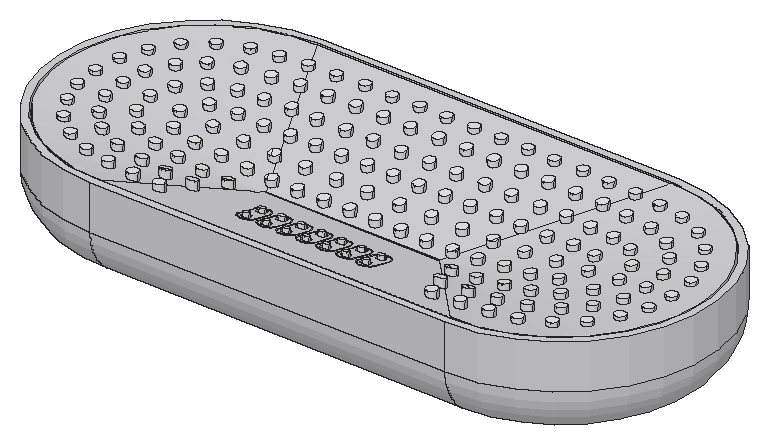
Revit family "Shower-Showerhead-KOHLER-K-26297IN", category Plumbing Fixtures, host Face, Revit 2017
Family settings
  Host = Face
  Round Connector Dimension = Use Diameter
  Part Type = Normal
  OmniClass Number = 23.31.17.00
  OmniClass Title = Showers
  Cut with Voids When Loaded = No
  Shared = No
  Room Calculation Point = No
Parameters (values of type "CP- Polished Chrome")
  Width = 17 107/128"  # constant formula
  WaterSense Certified = 1 = 0  # no
  Waste Water Outlet = "Waste Water Outlet"  # constant formula
  Waste Connection = 1 = 0  # no
  Vent Connection = 1 = 0  # no
  URL = "https://www.kohler.co.in/"
  Type = 1
  Tempered Water Inlet = "Tempered Water Inlet"  # constant formula
  Product Page URL = ""
  Product Name = ""
  Product Documentation Link = ""
  Pressure = 80.00 psi  # constant formula
  Panel Thickness = 0"
  Model = if(Type = 1, "K-26297IN-CP", if(Type = 2, "K-26297IN-BL", if(Type = 3, "K-26297IN-BN", if(Type = 4, "K-26297IN-BV", if(Type = 5, "K-26297IN-AF", if(Type = 6, "K-26297IN-RGD", "NA"))))))  # "K-26297IN-CP"
  Material = "Plastic"  # constant formula
  Master Format 2014 Name = "Residential Showers"  # constant formula
  Master Format 2014 = "22 42 23"  # constant formula
  Manufacturer Address = "Ambience Office Tower NH-8 Gurgaon / Gurugram Haryana , 122001"  # constant formula
  Manufacturer = "KOHLER Co."  # constant formula
  Length = 8 17/256"  # constant formula
  Hot Water Inlet = "Hot Water Inlet"  # constant formula
  Height = 3 53/128"  # constant formula
  HW Connection = 1 = 1  # yes
  Flow Rate = 2.5 GPM  # constant formula
  Finish = Kohler-Plastic-CP-Polished_Chrome
  Environmental Product Declaration = ""
  Drain Included = 1 = 0  # no
  Description = " 2F LARGE OBLONG KATALYST/KINETIC-2.5GPM"  # constant formula
  Default Elevation = 0"
  Declare Label = ""
  Date Modified = "02/03/2021"  # constant formula
  Date Created = "02/03/2021"  # constant formula
  Copyright = "Copyright KOHLER Co."  # constant formula
  Contact Us = "https://www.kohler.co.in/contact-us"
  Cold Water Inlet = "Cold Water Inlet"  # constant formula
  CW Connection = 1 = 0  # no
  Assembly Code = "D2010700"
  ADA Compliant = 1 = 0  # no
Reference planes (in)
  plane 1 "Center (Front/Back)": y = 0
  plane 2: z = 0
  plane 3 "Center (Left/Right)": x = 0
  plane 4: y = 4.03346
  plane 5: y = -4.03294
  plane 6: x = -8.91732
  plane 7: x = 8.91861
  plane 8: x = 0.43307
  plane 9: x = -0.43307
  plane 10: z = 0.79595
  plane 11: z = 3.41406
Dimensions and locks (in)
  "Width": plane 6 to plane 7
  "Length": plane 5 to plane 4
  "Height": level to plane 11
  plane 10 to plane 11 = 2.61811"
  aligned and locked: plane 2 to host face
  aligned and locked: level to host face
  aligned and locked: plane 3 "Center (Left/Right)" to nested 1
  aligned and locked: plane 1 "Center (Front/Back)" to nested 1
  aligned and locked: plane 4 to nested 1
  aligned and locked: plane 5 to nested 1
  aligned and locked: plane 6 to nested 1
  aligned and locked: plane 7 to nested 1
  aligned and locked: plane 10 to nested 1
  aligned and locked: plane 11 to nested 1
Automatic sketch dimensions
  host sketch curve to host sketch curve = 96"  (x2)
Nested families (in)
  nested 1: "K-26297IN" at (0, 0, 0.00068), type "K-26297IN"
Connectors (in)
  piping at (0, 0, 0.00068), diameter 0.5, driven by "Flow Rate", driven by "Pressure", driven by "HW Connection", driven by "Tempered Water Inlet"
    settings: on nested 1, index 1, connector inside diameter 24", connector length 0", flow factor 0, pipe flow 2.5 GPM, pressure drop 80.00 psi, fitting loss kfactor 0, connector angle 0.00°, fixture units 0, engagement length 0", angle of deflection 0.00°, flow configuration 1, flow direction 1, fitting loss method 4, system type 19, joint type 0, gender type 0, connector reference index -1, connector utility 1, adjustable connector no, is connector primary yes, connector description "Tempered Water Inlet"
Definition of nested family "K-26297IN"
  Parameters (values of type "K-26297IN")
    Material = none
  Reference planes (in)
    plane 1 "Center (Front/Back)": y = 0
    plane 2: z = 0
    plane 3 "Center (Left/Right)": x = 0
    plane 4: y = 4.03346
    plane 5: y = -4.03346
    plane 6: z = 0.79528
    plane 7: z = 3.41339
    plane 8: x = 0.43307
    plane 9: x = -0.43307
    plane 10: x = 8.91732
    plane 11: x = -8.91732
  Forms (in)
    Sweep 1, solid, material <- "Material", detail levels medium+fine
      path origin (0, 0, 0) x (1, 0, 0) y (0, 1, 0)
        loop
          arc (-4.91948, 4.03346) -> (-8.95294, 0) -> (-4.91948, -4.03346) r 4.03346
          line (-4.91948, -4.03346) -> (4.91948, -4.03346)
          arc (4.91948, -4.03346) -> (8.95294, 0) -> (4.91948, 4.03346) r 4.03346
          line (4.91948, 4.03346) -> (-4.91948, 4.03346)
      profile origin (0, 4.03346, 0) x (0, 1, 0) y (0, 0, 1)
        loop
          line (0, 3.41339) -> (-0.19685, 3.41339) -> (-0.19685, 2.17134)
          arc (-0.19685, 2.17134) -> (-0.54279, 1.33617) -> (-1.37795, 0.99024) r 1.1811
          line (-1.37795, 0.99024) -> (-3.46965, 0.99024) -> (-3.46965, 0.79339) -> (-1.37795, 0.79339)
          arc (-1.37795, 0.79339) -> (-0.40359, 1.19698) -> (0, 2.17134) r 1.37795
          line (0, 2.17134) -> (0, 3.41339)
    Extrusion 2, solid, material <- "Material", detail levels medium+fine
      sketch origin (0, 0, 0) x (1, 0, 0) y (0, 1, 0)
        loop
          line (-4.91948, -0.56381) -> (4.91948, -0.56381)
          arc (4.91948, -0.56381) -> (5.48329, 0) -> (4.91948, 0.56381) r 0.56381
          line (4.91948, 0.56381) -> (-4.91948, 0.56381)
          arc (-4.91948, 0.56381) -> (-5.48329, 0) -> (-4.91948, -0.56381) r 0.56381
      from 0.79339 to 0.99024
    Extrusion 3, solid, material <- "Material", detail levels medium+fine
      sketch origin (0, 0, 0) x (1, 0, 0) y (0, 1, 0)
        loop
          line (0.15964, 0.47733) -> (-0.15964, 0.47733)
          arc (-0.15964, 0.47733) -> (-0.23783, 0.47608) -> (-0.31595, 0.47232) r 2.44246
          arc (-0.31595, 0.47232) -> (-0.47224, 0.45724) -> (-0.62724, 0.43215) r 2.44246
          arc (-0.62724, 0.43215) -> (-0.85574, 0.29606) -> (-0.94557, 0.04573) r 0.3937
          line (-0.94557, 0.04573) -> (-0.94557, 0) -> (-0.94557, -0.04573)
          arc (-0.94557, -0.04573) -> (-0.85574, -0.29606) -> (-0.62724, -0.43215) r 0.3937
          arc (-0.62724, -0.43215) -> (-0.47224, -0.45724) -> (-0.31595, -0.47232) r 2.44246
          arc (-0.31595, -0.47232) -> (-0.23783, -0.47608) -> (-0.15964, -0.47733) r 2.44246
          line (-0.15964, -0.47733) -> (0.15964, -0.47733)
          arc (0.15964, -0.47733) -> (0.23783, -0.47608) -> (0.31595, -0.47232) r 2.44246
          arc (0.31595, -0.47232) -> (0.47224, -0.45724) -> (0.62724, -0.43215) r 2.44246
          arc (0.62724, -0.43215) -> (0.85574, -0.29606) -> (0.94557, -0.04573) r 0.3937
          line (0.94557, -0.04573) -> (0.94557, 0) -> (0.94557, 0.04573)
          arc (0.94557, 0.04573) -> (0.85574, 0.29606) -> (0.62724, 0.43215) r 0.3937
          arc (0.62724, 0.43215) -> (0.47224, 0.45724) -> (0.31595, 0.47232) r 2.44246
          arc (0.31595, 0.47232) -> (0.23783, 0.47608) -> (0.15964, 0.47733) r 2.44246
      from 0 to 0.79339
    Extrusion 4, solid, material <- "Material", detail levels medium+fine
      sketch origin (0, 0, 0) x (1, 0, 0) y (0, 1, 0)
        loop
          arc (-4.91948, 3.83661) -> (-8.75609, 0) -> (-4.91948, -3.83661) r 3.83661
          line (-4.91948, -3.83661) -> (4.91948, -3.83661)
          arc (4.91948, -3.83661) -> (8.75609, 0) -> (4.91948, 3.83661) r 3.83661
          line (4.91948, 3.83661) -> (-4.91948, 3.83661)
      from 1.87795 to 3.41339
    Blend 5, void
      base sketch origin (0, 0, 0) x (1, 0, 0) y (0, 1, 0)
        loop
          arc (-4.91948, 3.83661) -> (-8.75609, 0) -> (-4.91948, -3.83661) r 3.83661
          line (-4.91948, -3.83661) -> (4.91948, -3.83661)
          arc (4.91948, -3.83661) -> (8.75609, 0) -> (4.91948, 3.83661) r 3.83661
          line (4.91948, 3.83661) -> (-4.91948, 3.83661)
      top sketch origin (0, 0, 0) x (1, 0, 0) y (0, 1, 0)
        loop
          line (2.4246, -1.11253) -> (2.4246, -1.06859) -> (-2.42478, -1.06859) -> (-2.42478, -1.11253) -> (2.4246, -1.11253)
      from 3.41339 to 2.77186
    Extrusion 6, void
      sketch origin (0, 0, 0) x (1, 0, 0) y (0, 0, 1)
        loop
          arc (0.08967, 0.44705) -> (0, 0.4978) -> (-0.08967, 0.44705) r 0.1046
          line (-0.08967, 0.44705) -> (-0.79494, 0.44705)
          arc (-0.79494, 0.44705) -> (-0.84879, 0.39319) -> (-0.79494, 0.33934) r 0.05385
          line (-0.79494, 0.33934) -> (-0.08967, 0.33934)
          arc (-0.08967, 0.33934) -> (0, 0.28859) -> (0.08967, 0.33934) r 0.1046
          line (0.08967, 0.33934) -> (0.79494, 0.33934)
          arc (0.79494, 0.33934) -> (0.84879, 0.39319) -> (0.79494, 0.44705) r 0.05385
          line (0.79494, 0.44705) -> (0.08967, 0.44705)
      from -0.52641 to 0.18184
    Revolve 7, void
      sketch origin (0, 0, 0) x (0, 1, 0) y (0, 0, 1)
        loop
          line (-0.48, 0.49881) -> (-0.48, 0.3935) -> (-0.27658, 0.3935) -> (-0.27658, 0.47319) -> (-0.42217, 0.47319) -> (-0.44779, 0.49881) -> (-0.48, 0.49881)
        axis (-0.48, 0.3935) -> (-0.27658, 0.3935)
      angle from 0 to 360
    Extrusion 8, void
      sketch origin (0, 0, 0) x (1, 0, 0) y (0, 1, 0)
        loop
          line (-1.42092, -2.68321) -> (-1.42092, -2.15417)
          arc (-1.42092, -2.15417) -> (-1.65354, -1.92156) -> (-1.88616, -2.15417) r 0.23262
          line (-1.88616, -2.15417) -> (-1.88616, -2.68321)
          arc (-1.88616, -2.68321) -> (-1.65354, -2.91583) -> (-1.42092, -2.68321) r 0.23262
        loop
          line (-0.86974, -2.68321) -> (-0.86974, -2.15417)
          arc (-0.86974, -2.15417) -> (-1.10236, -1.92156) -> (-1.33498, -2.15417) r 0.23262
          line (-1.33498, -2.15417) -> (-1.33498, -2.68321)
          arc (-1.33498, -2.68321) -> (-1.10236, -2.91583) -> (-0.86974, -2.68321) r 0.23262
        loop
          line (-0.31856, -2.68321) -> (-0.31856, -2.15417)
          arc (-0.31856, -2.15417) -> (-0.55118, -1.92156) -> (-0.7838, -2.15417) r 0.23262
          line (-0.7838, -2.15417) -> (-0.7838, -2.68321)
          arc (-0.7838, -2.68321) -> (-0.55118, -2.91583) -> (-0.31856, -2.68321) r 0.23262
        loop
          line (0.23262, -2.68321) -> (0.23262, -2.15417)
          arc (0.23262, -2.15417) -> (0, -1.92156) -> (-0.23262, -2.15417) r 0.23262
          line (-0.23262, -2.15417) -> (-0.23262, -2.68321)
          arc (-0.23262, -2.68321) -> (0, -2.91583) -> (0.23262, -2.68321) r 0.23262
        loop
          line (0.7838, -2.68321) -> (0.7838, -2.15417)
          arc (0.7838, -2.15417) -> (0.55118, -1.92156) -> (0.31856, -2.15417) r 0.23262
          line (0.31856, -2.15417) -> (0.31856, -2.68321)
          arc (0.31856, -2.68321) -> (0.55118, -2.91583) -> (0.7838, -2.68321) r 0.23262
        loop
          line (1.33498, -2.68321) -> (1.33498, -2.15417)
          arc (1.33498, -2.15417) -> (1.10236, -1.92156) -> (0.86974, -2.15417) r 0.23262
          line (0.86974, -2.15417) -> (0.86974, -2.68321)
          arc (0.86974, -2.68321) -> (1.10236, -2.91583) -> (1.33498, -2.68321) r 0.23262
        loop
          line (1.88616, -2.68321) -> (1.88616, -2.15417)
          arc (1.88616, -2.15417) -> (1.65354, -1.92156) -> (1.42092, -2.15417) r 0.23262
          line (1.42092, -2.15417) -> (1.42092, -2.68321)
          arc (1.42092, -2.68321) -> (1.65354, -2.91583) -> (1.88616, -2.68321) r 0.23262
        loop
          arc (-1.43667, -2.15417) -> (-1.65354, -1.9373) -> (-1.87041, -2.15417) r 0.21687
          line (-1.87041, -2.15417) -> (-1.87041, -2.68321)
          arc (-1.87041, -2.68321) -> (-1.65354, -2.90008) -> (-1.43667, -2.68321) r 0.21687
          line (-1.43667, -2.68321) -> (-1.43667, -2.15417)
        loop
          arc (-0.88549, -2.15417) -> (-1.10236, -1.9373) -> (-1.31923, -2.15417) r 0.21687
          line (-1.31923, -2.15417) -> (-1.31923, -2.68321)
          arc (-1.31923, -2.68321) -> (-1.10236, -2.90008) -> (-0.88549, -2.68321) r 0.21687
          line (-0.88549, -2.68321) -> (-0.88549, -2.15417)
        loop
          arc (-0.33431, -2.15417) -> (-0.55118, -1.9373) -> (-0.76805, -2.15417) r 0.21687
          line (-0.76805, -2.15417) -> (-0.76805, -2.68321)
          arc (-0.76805, -2.68321) -> (-0.55118, -2.90008) -> (-0.33431, -2.68321) r 0.21687
          line (-0.33431, -2.68321) -> (-0.33431, -2.15417)
        loop
          arc (0.21687, -2.15417) -> (0, -1.9373) -> (-0.21687, -2.15417) r 0.21687
          line (-0.21687, -2.15417) -> (-0.21687, -2.68321)
          arc (-0.21687, -2.68321) -> (0, -2.90008) -> (0.21687, -2.68321) r 0.21687
          line (0.21687, -2.68321) -> (0.21687, -2.15417)
        loop
          arc (0.76805, -2.15417) -> (0.55118, -1.9373) -> (0.33431, -2.15417) r 0.21687
          line (0.33431, -2.15417) -> (0.33431, -2.68321)
          arc (0.33431, -2.68321) -> (0.55118, -2.90008) -> (0.76805, -2.68321) r 0.21687
          line (0.76805, -2.68321) -> (0.76805, -2.15417)
        loop
          arc (1.31923, -2.15417) -> (1.10236, -1.9373) -> (0.88549, -2.15417) r 0.21687
          line (0.88549, -2.15417) -> (0.88549, -2.68321)
          arc (0.88549, -2.68321) -> (1.10236, -2.90008) -> (1.31923, -2.68321) r 0.21687
          line (1.31923, -2.68321) -> (1.31923, -2.15417)
        loop
          arc (1.87041, -2.15417) -> (1.65354, -1.9373) -> (1.43667, -2.15417) r 0.21687
          line (1.43667, -2.15417) -> (1.43667, -2.68321)
          arc (1.43667, -2.68321) -> (1.65354, -2.90008) -> (1.87041, -2.68321) r 0.21687
          line (1.87041, -2.68321) -> (1.87041, -2.15417)
        loop
          circle (-1.65281, -2.15811) r 0.12491
        loop
          circle (-1.65281, -2.69773) r 0.12491
        loop
          circle (-1.10163, -2.15811) r 0.12491
        loop
          circle (-1.10163, -2.69773) r 0.12491
        loop
          circle (-0.55045, -2.15811) r 0.12491
        loop
          circle (-0.55045, -2.69773) r 0.12491
        loop
          circle (0.00073, -2.15811) r 0.12491
        loop
          circle (0.00073, -2.69773) r 0.12491
        loop
          circle (0.55191, -2.15811) r 0.12491
        loop
          circle (0.55191, -2.69773) r 0.12491
        loop
          circle (1.1031, -2.15811) r 0.12491
        loop
          circle (1.1031, -2.69773) r 0.12491
        loop
          circle (1.65428, -2.15811) r 0.12491
        loop
          circle (1.65428, -2.69773) r 0.12491
      from 2.43178 to 3.41339
    Extrusion 9, solid, detail levels medium+fine
      sketch origin (0, 0, 0) x (1, 0, 0) y (0, 1, 0)
        loop
          circle (-1.65281, -2.15811) r 0.08055
        loop
          circle (-1.65281, -2.69773) r 0.08055
        loop
          circle (-1.10163, -2.15811) r 0.08055
        loop
          circle (-1.10163, -2.69773) r 0.08055
        loop
          circle (-0.55045, -2.15811) r 0.08055
        loop
          circle (-0.55045, -2.69773) r 0.08055
        loop
          circle (0.00073, -2.15811) r 0.08055
        loop
          circle (0.00073, -2.69773) r 0.08055
        loop
          circle (0.55191, -2.15811) r 0.08055
        loop
          circle (0.55191, -2.69773) r 0.08055
        loop
          circle (1.1031, -2.15811) r 0.08055
        loop
          circle (1.1031, -2.69773) r 0.08055
        loop
          circle (1.65428, -2.15811) r 0.08055
        loop
          circle (1.65428, -2.69773) r 0.08055
      from 2.26406 to 3.41339
    Extrusion 10, void
      sketch origin (0, 0, 0.09843) x (0, 1, 0) y (0, 0, 1)
        loop
          line (-1.77178, 2.92928) -> (-1.77178, 3.41339) -> (-3.79921, 3.41339) -> (-1.77178, 2.92928)
      from -2.42478 to 1.88616
    Extrusion 11, solid, material <- "Material", detail levels medium+fine
      sketch origin (0, 0, 0) x (1, 0, 0) y (0, 1, 0)
        loop
          arc (0.15964, -0.47733) -> (0.23783, -0.47608) -> (0.31595, -0.47232) r 2.44246
          arc (0.31595, -0.47232) -> (0.47224, -0.45724) -> (0.62724, -0.43215) r 2.44246
          arc (0.62724, -0.43215) -> (0.85574, -0.29606) -> (0.94557, -0.04573) r 0.3937
          line (0.94557, -0.04573) -> (0.94557, 0) -> (0.94557, 0.04573)
          arc (0.94557, 0.04573) -> (0.85574, 0.29606) -> (0.62724, 0.43215) r 0.3937
          arc (0.62724, 0.43215) -> (0.47224, 0.45724) -> (0.31595, 0.47232) r 2.44246
          arc (0.31595, 0.47232) -> (0.23783, 0.47608) -> (0.15964, 0.47733) r 2.44246
          line (0.15964, 0.47733) -> (-0.15964, 0.47733)
          arc (-0.15964, 0.47733) -> (-0.23783, 0.47608) -> (-0.31595, 0.47232) r 2.44246
          arc (-0.31595, 0.47232) -> (-0.47224, 0.45724) -> (-0.62724, 0.43215) r 2.44246
          arc (-0.62724, 0.43215) -> (-0.85574, 0.29606) -> (-0.94557, 0.04573) r 0.3937
          line (-0.94557, 0.04573) -> (-0.94557, 0) -> (-0.94557, -0.04573)
          arc (-0.94557, -0.04573) -> (-0.85574, -0.29606) -> (-0.62724, -0.43215) r 0.3937
          arc (-0.62724, -0.43215) -> (-0.47224, -0.45724) -> (-0.31595, -0.47232) r 2.44246
          arc (-0.31595, -0.47232) -> (-0.23783, -0.47608) -> (-0.15964, -0.47733) r 2.44246
          line (-0.15964, -0.47733) -> (0.15964, -0.47733)
      from 0 to 0.79339
    Extrusion 12, void
      sketch origin (0, 0, 0) x (1, 0, 0) y (0, 1, 0)
        loop
          arc (-4.91948, 3.83661) -> (-8.75609, 0) -> (-4.91948, -3.83661) r 3.83661
          line (-4.91948, -3.83661) -> (4.91948, -3.83661)
          arc (4.91948, -3.83661) -> (8.75609, 0) -> (4.91948, 3.83661) r 3.83661
          line (4.91948, 3.83661) -> (-4.91948, 3.83661)
        loop
          arc (-4.91948, 3.78543) -> (-8.70491, 0) -> (-4.91948, -3.78543) r 3.78543
          line (-4.91948, -3.78543) -> (4.91948, -3.78543)
          arc (4.91948, -3.78543) -> (8.70491, 0) -> (4.91948, 3.78543) r 3.78543
          line (4.91948, 3.78543) -> (-4.91948, 3.78543)
      from 2.77186 to 3.87988
    Extrusion 13, solid, detail levels medium+fine
      sketch origin (0, 0, 0) x (1, 0, 0) y (0, 1, 0)
        loop
          circle (0, 3.11243) r 0.14404
        loop
          circle (0.38349, 2.36942) r 0.14404
        loop
          circle (0.7502, 3.10763) r 0.14404
        loop
          circle (0.01285, 1.54978) r 0.14404
        loop
          circle (0.35658, 0.757) r 0.14404
        loop
          circle (0.35658, -0.74541) r 0.14404
        loop
          circle (1.06442, -0.75511) r 0.14404
        loop
          circle (1.78195, -0.7648) r 0.14404
        loop
          circle (2.49948, -0.7648) r 0.14404
        loop
          circle (3.18793, -0.74541) r 0.14404
        loop
          circle (3.09096, -1.53082) r 0.14404
        loop
          circle (3.7988, -1.55021) r 0.14404
        loop
          circle (3.43034, -2.33562) r 0.14404
        loop
          circle (3.76971, -3.06285) r 0.14404
        loop
          circle (4.52603, -3.03376) r 0.14404
        loop
          circle (4.18665, -2.32592) r 0.14404
        loop
          circle (4.51633, -1.49203) r 0.14404
        loop
          circle (4.91388, -2.23866) r 0.14404
        loop
          circle (5.26295, -2.95619) r 0.14404
        loop
          circle (5.97079, -2.83983) r 0.14404
        loop
          circle (5.6702, -2.13199) r 0.14404
        loop
          circle (6.35865, -1.81201) r 0.14404
        loop
          circle (6.66893, -2.51985) r 0.14404
        loop
          circle (6.83813, -1.32138) r 0.14404
        loop
          circle (7.25072, -2.03503) r 0.14404
        loop
          circle (7.65215, -1.39943) r 0.14404
        loop
          circle (7.90862, -0.73038) r 0.14404
        loop
          circle (7.17266, -0.68578) r 0.14404
        loop
          circle (6.32519, -0.66348) r 0.14404
        loop
          circle (5.84571, -1.19872) r 0.14404
        loop
          circle (5.19896, -1.42173) r 0.14404
        loop
          circle (5.33277, -0.61887) r 0.14404
        loop
          circle (4.64142, -0.74153) r 0.14404
        loop
          circle (3.91661, -0.73038) r 0.14404
        loop
          circle (2.49948, 0.7648) r 0.14404
        loop
          circle (3.18793, 0.74541) r 0.14404
        loop
          circle (3.09096, 1.53082) r 0.14404
        loop
          circle (3.7988, 1.55021) r 0.14404
        loop
          circle (3.43034, 2.33562) r 0.14404
        loop
          circle (3.76971, 3.06285) r 0.14404
        loop
          circle (4.52603, 3.03376) r 0.14404
        loop
          circle (4.18665, 2.32592) r 0.14404
        loop
          circle (4.51633, 1.49203) r 0.14404
        loop
          circle (4.91388, 2.23866) r 0.14404
        loop
          circle (5.26295, 2.95619) r 0.14404
        loop
          circle (5.97079, 2.83983) r 0.14404
        loop
          circle (5.6702, 2.13199) r 0.14404
        loop
          circle (6.35865, 1.81201) r 0.14404
        loop
          circle (6.66893, 2.51985) r 0.14404
        loop
          circle (6.83813, 1.32138) r 0.14404
        loop
          circle (7.25072, 2.03503) r 0.14404
        loop
          circle (7.65215, 1.39943) r 0.14404
        loop
          circle (7.90862, 0.73038) r 0.14404
        loop
          circle (7.17266, 0.68578) r 0.14404
        loop
          circle (6.32519, 0.66348) r 0.14404
        loop
          circle (5.84571, 1.19872) r 0.14404
        loop
          circle (5.19896, 1.42173) r 0.14404
        loop
          circle (5.33277, 0.61887) r 0.14404
        loop
          circle (4.64142, 0.74153) r 0.14404
        loop
          circle (3.91661, 0.73038) r 0.14404
        loop
          circle (0.44579, -0.0206) r 0.14404
        loop
          circle (1.31555, -0.00945) r 0.14404
        loop
          circle (2.17417, -0.00945) r 0.14404
        loop
          circle (3.02163, -0.00945) r 0.14404
        loop
          circle (3.8914, 0.0017) r 0.14404
        loop
          circle (4.75001, 0.01285) r 0.14404
        loop
          circle (5.65323, 0.0017) r 0.14404
        loop
          circle (6.48955, 0.01285) r 0.14404
        loop
          circle (7.23666, 0.01285) r 0.14404
        loop
          circle (7.97261, -0.0206) r 0.14404
        loop
          circle (1.07411, 0.7648) r 0.14404
        loop
          circle (1.78195, 0.75511) r 0.14404
        loop
          circle (1.54923, 1.55021) r 0.14404
        loop
          circle (0.76383, 1.54051) r 0.14404
        loop
          circle (1.15168, 2.35501) r 0.14404
        loop
          circle (1.908, 2.36471) r 0.14404
        loop
          circle (2.66432, 2.35501) r 0.14404
        loop
          circle (2.29586, 1.54051) r 0.14404
        loop
          circle (3.01339, 3.11133) r 0.14404
        loop
          circle (2.24738, 3.08224) r 0.14404
        loop
          circle (1.50075, 3.11133) r 0.14404
        loop
          circle (-0.38349, 2.36942) r 0.14404
        loop
          circle (-0.7502, 3.10763) r 0.14404
        loop
          circle (-0.35658, 0.757) r 0.14404
        loop
          circle (-0.35658, -0.74541) r 0.14404
        loop
          circle (-1.06442, -0.75511) r 0.14404
        loop
          circle (-1.78195, -0.7648) r 0.14404
        loop
          circle (-2.49948, -0.7648) r 0.14404
        loop
          circle (-3.18793, -0.74541) r 0.14404
        loop
          circle (-3.09096, -1.53082) r 0.14404
        loop
          circle (-3.7988, -1.55021) r 0.14404
        loop
          circle (-3.43034, -2.33562) r 0.14404
        loop
          circle (-3.76971, -3.06285) r 0.14404
        loop
          circle (-4.52603, -3.03376) r 0.14404
        loop
          circle (-4.18665, -2.32592) r 0.14404
        loop
          circle (-4.51633, -1.49203) r 0.14404
        loop
          circle (-4.91388, -2.23866) r 0.14404
        loop
          circle (-5.26295, -2.95619) r 0.14404
        loop
          circle (-5.97079, -2.83983) r 0.14404
        loop
          circle (-5.6702, -2.13199) r 0.14404
        loop
          circle (-6.35865, -1.81201) r 0.14404
        loop
          circle (-6.66893, -2.51985) r 0.14404
        loop
          circle (-6.83813, -1.32138) r 0.14404
        loop
          circle (-7.25072, -2.03503) r 0.14404
        loop
          circle (-7.65215, -1.39943) r 0.14404
        loop
          circle (-7.90862, -0.73038) r 0.14404
        loop
          circle (-7.17266, -0.68578) r 0.14404
        loop
          circle (-6.32519, -0.66348) r 0.14404
        loop
          circle (-5.84571, -1.19872) r 0.14404
        loop
          circle (-5.19896, -1.42173) r 0.14404
        loop
          circle (-5.33277, -0.61887) r 0.14404
        loop
          circle (-4.64142, -0.74153) r 0.14404
        loop
          circle (-3.91661, -0.73038) r 0.14404
        loop
          circle (-2.49948, 0.7648) r 0.14404
        loop
          circle (-3.18793, 0.74541) r 0.14404
        loop
          circle (-3.09096, 1.53082) r 0.14404
        loop
          circle (-3.7988, 1.55021) r 0.14404
        loop
          circle (-3.43034, 2.33562) r 0.14404
        loop
          circle (-3.76971, 3.06285) r 0.14404
        loop
          circle (-4.52603, 3.03376) r 0.14404
        loop
          circle (-4.18665, 2.32592) r 0.14404
        loop
          circle (-4.51633, 1.49203) r 0.14404
        loop
          circle (-4.91388, 2.23866) r 0.14404
        loop
          circle (-5.26295, 2.95619) r 0.14404
        loop
          circle (-5.97079, 2.83983) r 0.14404
        loop
          circle (-5.6702, 2.13199) r 0.14404
        loop
          circle (-6.35865, 1.81201) r 0.14404
        loop
          circle (-6.66893, 2.51985) r 0.14404
        loop
          circle (-6.83813, 1.32138) r 0.14404
        loop
          circle (-7.25072, 2.03503) r 0.14404
        loop
          circle (-7.65215, 1.39943) r 0.14404
        loop
          circle (-7.90862, 0.73038) r 0.14404
        loop
          circle (-7.17266, 0.68578) r 0.14404
        loop
          circle (-6.32519, 0.66348) r 0.14404
        loop
          circle (-5.84571, 1.19872) r 0.14404
        loop
          circle (-5.19896, 1.42173) r 0.14404
        loop
          circle (-5.33277, 0.61887) r 0.14404
        loop
          circle (-4.64142, 0.74153) r 0.14404
        loop
          circle (-3.91661, 0.73038) r 0.14404
        loop
          circle (-0.44579, -0.0206) r 0.14404
        loop
          circle (-1.31555, -0.00945) r 0.14404
        loop
          circle (-2.17417, -0.00945) r 0.14404
        loop
          circle (-3.02163, -0.00945) r 0.14404
        loop
          circle (-3.8914, 0.0017) r 0.14404
        loop
          circle (-4.75001, 0.01285) r 0.14404
        loop
          circle (-5.65323, 0.0017) r 0.14404
        loop
          circle (-6.48955, 0.01285) r 0.14404
        loop
          circle (-7.23666, 0.01285) r 0.14404
        loop
          circle (-7.97261, -0.0206) r 0.14404
        loop
          circle (-1.07411, 0.7648) r 0.14404
        loop
          circle (-1.78195, 0.75511) r 0.14404
        loop
          circle (-1.54923, 1.55021) r 0.14404
        loop
          circle (-0.76383, 1.54051) r 0.14404
        loop
          circle (-1.15168, 2.35501) r 0.14404
        loop
          circle (-1.908, 2.36471) r 0.14404
        loop
          circle (-2.66432, 2.35501) r 0.14404
        loop
          circle (-2.29586, 1.54051) r 0.14404
        loop
          circle (-3.01339, 3.11133) r 0.14404
        loop
          circle (-2.24738, 3.08224) r 0.14404
        loop
          circle (-1.50075, 3.11133) r 0.14404
      from 1.52456 to 3.41339
    Blend 14, void
      base sketch origin (0, 0, 0) x (1, 0, 0) y (0, 1, 0)
        loop
          arc (-4.91948, 2.80118) -> (-7.72066, 0) -> (-4.91948, -2.80118) r 2.80118
          line (-4.91948, -2.80118) -> (4.88822, -2.80118)
          arc (4.88822, -2.80118) -> (7.6894, 0) -> (4.88822, 2.80118) r 2.80118
          line (4.88822, 2.80118) -> (-4.91948, 2.80118)
      top sketch origin (0, 0, 0) x (1, 0, 0) y (0, 1, 0)
        loop
          line (2.4246, -1.06859) -> (-2.42478, -1.06859) -> (-2.42478, -1.11253) -> (2.4246, -1.11253) -> (2.4246, -1.06859)
      from 3.41339 to 2.92627
    Extrusion 15, solid, material <- "Material", detail levels coarse
      sketch origin (0, 0, 0) x (1, 0, 0) y (0, 1, 0)
        loop
          line (4.91948, 4.03346) -> (-4.91948, 4.03346)
          arc (-4.91948, 4.03346) -> (-8.95294, 0) -> (-4.91948, -4.03346) r 4.03346
          line (-4.91948, -4.03346) -> (4.91948, -4.03346)
          arc (4.91948, -4.03346) -> (8.95294, 0) -> (4.91948, 4.03346) r 4.03346
      from 0.79339 to 3.39361
    Extrusion 16, solid, material <- "Material", detail levels coarse
      sketch origin (0, 0, 0) x (1, 0, 0) y (0, 1, 0)
        loop
          arc (0.62724, -0.43215) -> (0.85574, -0.29606) -> (0.94557, -0.04573) r 0.3937
          line (0.94557, -0.04573) -> (0.94557, 0) -> (0.94557, 0.04573)
          arc (0.94557, 0.04573) -> (0.85574, 0.29606) -> (0.62724, 0.43215) r 0.3937
          arc (0.62724, 0.43215) -> (0.47224, 0.45724) -> (0.31595, 0.47232) r 2.44246
          arc (0.31595, 0.47232) -> (0.23783, 0.47608) -> (0.15964, 0.47733) r 2.44246
          line (0.15964, 0.47733) -> (-0.15964, 0.47733)
          arc (-0.15964, 0.47733) -> (-0.23783, 0.47608) -> (-0.31595, 0.47232) r 2.44246
          arc (-0.31595, 0.47232) -> (-0.47224, 0.45724) -> (-0.62724, 0.43215) r 2.44246
          arc (-0.62724, 0.43215) -> (-0.85574, 0.29606) -> (-0.94557, 0.04573) r 0.3937
          line (-0.94557, 0.04573) -> (-0.94557, 0) -> (-0.94557, -0.04573)
          arc (-0.94557, -0.04573) -> (-0.85574, -0.29606) -> (-0.62724, -0.43215) r 0.3937
          arc (-0.62724, -0.43215) -> (-0.47224, -0.45724) -> (-0.31595, -0.47232) r 2.44246
          arc (-0.31595, -0.47232) -> (-0.23783, -0.47608) -> (-0.15964, -0.47733) r 2.44246
          line (-0.15964, -0.47733) -> (0.15964, -0.47733)
          arc (0.15964, -0.47733) -> (0.23783, -0.47608) -> (0.31595, -0.47232) r 2.44246
          arc (0.31595, -0.47232) -> (0.47224, -0.45724) -> (0.62724, -0.43215) r 2.44246
      from 0 to 0.79339
    Extrusion 17, solid, material <- "Material"
      sketch origin (0, 0, 0) x (1, 0, 0) y (0, 1, 0)
        loop
          circle (0, 0) r 0.12333
      from 0 to 0.11719
  Cuts and joins
    Extrusion 10 cuts Extrusion 9
    Blend 5, Extrusion 8, Extrusion 12 cuts Extrusion 4
    Extrusion 6, Revolve 7, Extrusion 12 cuts Extrusion 11
    joined: Extrusion 4, Extrusion 11
    Blend 5, Extrusion 6, Revolve 7, Extrusion 10 cuts Extrusion 3
    Extrusion 12 cuts Sweep 1
    joined: Sweep 1, Extrusion 2
    Blend 14 cuts Extrusion 13
    Extrusion 12 cuts Extrusion 15
    joined: Extrusion 15, Extrusion 16
  Lines and regions (in)
    Masking region 1
      outline origin (0, 0, 0) x (1, 0, 0) y (0, 0, 1)
        loop
          line (8.91732, 3.41339) -> (-8.91732, 3.41339) -> (-8.91732, 2.17323)
          arc (-8.91732, 2.17323) -> (-8.51373, 1.19887) -> (-7.53937, 0.79528) r 1.37795
          line (-7.53937, 0.79528) -> (-0.94557, 0.79528) -> (-0.94557, 0) -> (0.94557, 0) -> (0.94557, 0.79528) -> (7.53937, 0.79528)
          arc (7.53937, 0.79528) -> (8.51373, 1.19887) -> (8.91732, 2.17323) r 1.37795
          line (8.91732, 2.17323) -> (8.91732, 3.41339)
    Masking region 2
      outline origin (0, 0, 0) x (0, 1, 0) y (0, 0, 1)
        loop
          line (4.03346, 3.41339) -> (-4.03346, 3.41339) -> (-4.03346, 2.17323)
          arc (-4.03346, 2.17323) -> (-3.62987, 1.19887) -> (-2.65551, 0.79528) r 1.37795
          line (-2.65551, 0.79528) -> (-0.47733, 0.79528) -> (-0.47733, 0) -> (0.47733, 0) -> (0.47733, 0.33934) -> (0.35544, 0.33934)
          spline (0.35544, 0.33934) -> (0.34486, 0.34092) -> (0.33413, 0.34544) -> (0.32371, 0.35289) -> (0.31429, 0.36331) -> (0.30705, 0.37708) -> (0.30446, 0.39319) -> (0.30704, 0.4093) -> (0.31427, 0.42305) -> (0.3237, 0.43349) -> (0.33413, 0.44095) -> (0.34486, 0.44547) -> (0.35544, 0.44705)
          line (0.35544, 0.44705) -> (0.47733, 0.44705) -> (0.47733, 0.79528) -> (2.65551, 0.79528)
          arc (2.65551, 0.79528) -> (3.62987, 1.19887) -> (4.03346, 2.17323) r 1.37795
          line (4.03346, 2.17323) -> (4.03346, 3.41339)
    Masking region 3
      outline origin (0, 0, 0) x (1, 0, 0) y (0, 1, 0)
        loop
          arc (-4.91948, 4.03346) -> (-7.759, 2.84991) -> (-8.91732, 0) r 3.998
          arc (-8.91732, 0) -> (-7.759, -2.84991) -> (-4.91948, -4.03346) r 3.998
          line (-4.91948, -4.03346) -> (4.91948, -4.03346)
          arc (4.91948, -4.03346) -> (7.759, -2.84991) -> (8.91732, 0) r 3.998
          arc (8.91732, 0) -> (7.759, 2.84991) -> (4.91948, 4.03346) r 3.998
          line (4.91948, 4.03346) -> (-4.91948, 4.03346)
    symbolic lines, detail levels medium+fine
      curve 1: line (-1.5279, -2.15811, 0) -> (-1.5279, -2.69773, 0)
      curve 2: line (-1.77723, -2.15813, 0) -> (-1.77723, -2.69774, 0)
      curve 3: line (-1.42092, -2.68321, 0) -> (-1.42092, -2.15417, 0)
      curve 4: arc (-1.42092, -2.15417, 0) -> (-1.65354, -1.92156, 0) -> (-1.88616, -2.15417, 0) r 0.23262
      curve 5: line (-1.88616, -2.15417, 0) -> (-1.88616, -2.68321, 0)
      curve 6: arc (-1.88616, -2.68321, 0) -> (-1.65354, -2.91583, 0) -> (-1.42092, -2.68321, 0) r 0.23262
      curve 7: spline (-1.73304, -2.15811, 0) -> (-1.73081, -2.17874, 0) -> (-1.72307, -2.19808, 0) -> (-1.71037, -2.21475, 0) -> (-1.6936, -2.22757, 0) -> (-1.67395, -2.23565, 0) -> (-1.65281, -2.2384, 0) -> (-1.63167, -2.23565, 0) -> (-1.61202, -2.22757, 0) -> (-1.59525, -2.21475, 0) -> (-1.58255, -2.19808, 0) -> (-1.57481, -2.17874, 0) -> (-1.57258, -2.15811, 0)
      curve 8: spline (-1.57258, -2.15811, 0) -> (-1.57481, -2.13748, 0) -> (-1.58255, -2.11815, 0) -> (-1.59525, -2.10148, 0) -> (-1.61202, -2.08865, 0) -> (-1.63167, -2.08058, 0) -> (-1.65281, -2.07782, 0) -> (-1.67395, -2.08058, 0) -> (-1.6936, -2.08865, 0) -> (-1.71037, -2.10148, 0) -> (-1.72307, -2.11815, 0) -> (-1.73081, -2.13748, 0) -> (-1.73304, -2.15811, 0)
      curve 9: spline (-1.52839, -2.15811, 0) -> (-1.53185, -2.19011, 0) -> (-1.54385, -2.22009, 0) -> (-1.56355, -2.24594, 0) -> (-1.58955, -2.26583, 0) -> (-1.62002, -2.27835, 0) -> (-1.65281, -2.28263, 0) -> (-1.6856, -2.27835, 0) -> (-1.71607, -2.26583, 0) -> (-1.74207, -2.24594, 0) -> (-1.76177, -2.22009, 0) -> (-1.77377, -2.19011, 0) -> (-1.77723, -2.15811, 0)
      curve 10: spline (-1.77723, -2.15811, 0) -> (-1.77377, -2.12611, 0) -> (-1.76177, -2.09613, 0) -> (-1.74207, -2.07028, 0) -> (-1.71607, -2.0504, 0) -> (-1.6856, -2.03787, 0) -> (-1.65281, -2.0336, 0) -> (-1.62002, -2.03787, 0) -> (-1.58955, -2.0504, 0) -> (-1.56355, -2.07028, 0) -> (-1.54385, -2.09613, 0) -> (-1.53185, -2.12611, 0) -> (-1.52839, -2.15811, 0)
      curve 11: spline (-1.57258, -2.69773, 0) -> (-1.57481, -2.6771, 0) -> (-1.58255, -2.65776, 0) -> (-1.59525, -2.6411, 0) -> (-1.61202, -2.62827, 0) -> (-1.63167, -2.6202, 0) -> (-1.65281, -2.61744, 0) -> (-1.67395, -2.6202, 0) -> (-1.6936, -2.62827, 0) -> (-1.71037, -2.6411, 0) -> (-1.72307, -2.65776, 0) -> (-1.73081, -2.6771, 0) -> (-1.73304, -2.69773, 0)
      curve 12: spline (-1.73304, -2.69773, 0) -> (-1.73081, -2.71836, 0) -> (-1.72307, -2.73769, 0) -> (-1.71037, -2.75436, 0) -> (-1.6936, -2.76719, 0) -> (-1.67395, -2.77526, 0) -> (-1.65281, -2.77802, 0) -> (-1.63167, -2.77526, 0) -> (-1.61202, -2.76719, 0) -> (-1.59525, -2.75436, 0) -> (-1.58255, -2.73769, 0) -> (-1.57481, -2.71836, 0) -> (-1.57258, -2.69773, 0)
      curve 13: spline (-1.77723, -2.69773, 0) -> (-1.77377, -2.66573, 0) -> (-1.76177, -2.63575, 0) -> (-1.74207, -2.6099, 0) -> (-1.71607, -2.59001, 0) -> (-1.6856, -2.57749, 0) -> (-1.65281, -2.57321, 0) -> (-1.62002, -2.57749, 0) -> (-1.58955, -2.59001, 0) -> (-1.56355, -2.6099, 0) -> (-1.54385, -2.63575, 0) -> (-1.53185, -2.66573, 0) -> (-1.52839, -2.69773, 0)
      curve 14: spline (-1.52839, -2.69773, 0) -> (-1.53185, -2.72973, 0) -> (-1.54385, -2.75971, 0) -> (-1.56355, -2.78556, 0) -> (-1.58955, -2.80544, 0) -> (-1.62002, -2.81797, 0) -> (-1.65281, -2.82224, 0) -> (-1.6856, -2.81797, 0) -> (-1.71607, -2.80544, 0) -> (-1.74207, -2.78556, 0) -> (-1.76177, -2.75971, 0) -> (-1.77377, -2.72973, 0) -> (-1.77723, -2.69773, 0)
      curve 15: line (-1.87041, -2.15417, 0) -> (-1.87041, -2.68321, 0)
      curve 16: spline (-1.86956, -2.68324, 0) -> (-1.86355, -2.73879, 0) -> (-1.8427, -2.79083, 0) -> (-1.8085, -2.83571, 0) -> (-1.76336, -2.87023, 0) -> (-1.71046, -2.89197, 0) -> (-1.65354, -2.89939, 0) -> (-1.59662, -2.89197, 0) -> (-1.54373, -2.87023, 0) -> (-1.49858, -2.83571, 0) -> (-1.46438, -2.79083, 0) -> (-1.44354, -2.73879, 0) -> (-1.43753, -2.68324, 0)
      curve 17: line (-1.43667, -2.68321, 0) -> (-1.43667, -2.15417, 0)
      curve 18: spline (-1.43753, -2.15415, 0) -> (-1.44354, -2.0986, 0) -> (-1.46438, -2.04655, 0) -> (-1.49858, -2.00168, 0) -> (-1.54373, -1.96716, 0) -> (-1.59662, -1.94541, 0) -> (-1.65354, -1.93799, 0) -> (-1.71046, -1.94541, 0) -> (-1.76336, -1.96716, 0) -> (-1.8085, -2.00168, 0) -> (-1.8427, -2.04655, 0) -> (-1.86355, -2.0986, 0) -> (-1.86956, -2.15415, 0)
      curve 19: line (-0.97672, -2.15811, 0) -> (-0.97672, -2.69773, 0)
      curve 20: line (-1.22605, -2.15813, 0) -> (-1.22605, -2.69774, 0)
      curve 21: line (-0.86974, -2.68321, 0) -> (-0.86974, -2.15417, 0)
      curve 22: arc (-0.86974, -2.15417, 0) -> (-1.10236, -1.92156, 0) -> (-1.33498, -2.15417, 0) r 0.23262
      curve 23: line (-1.33498, -2.15417, 0) -> (-1.33498, -2.68321, 0)
      curve 24: arc (-1.33498, -2.68321, 0) -> (-1.10236, -2.91583, 0) -> (-0.86974, -2.68321, 0) r 0.23262
      curve 25: spline (-1.18186, -2.15811, 0) -> (-1.17963, -2.17874, 0) -> (-1.17189, -2.19808, 0) -> (-1.15918, -2.21475, 0) -> (-1.14242, -2.22757, 0) -> (-1.12277, -2.23565, 0) -> (-1.10163, -2.2384, 0) -> (-1.08049, -2.23565, 0) -> (-1.06084, -2.22757, 0) -> (-1.04407, -2.21475, 0) -> (-1.03137, -2.19808, 0) -> (-1.02363, -2.17874, 0) -> (-1.0214, -2.15811, 0)
      curve 26: spline (-1.0214, -2.15811, 0) -> (-1.02363, -2.13748, 0) -> (-1.03137, -2.11815, 0) -> (-1.04407, -2.10148, 0) -> (-1.06084, -2.08865, 0) -> (-1.08049, -2.08058, 0) -> (-1.10163, -2.07782, 0) -> (-1.12277, -2.08058, 0) -> (-1.14242, -2.08865, 0) -> (-1.15918, -2.10148, 0) -> (-1.17189, -2.11815, 0) -> (-1.17963, -2.13748, 0) -> (-1.18186, -2.15811, 0)
      curve 27: spline (-0.97721, -2.15811, 0) -> (-0.98067, -2.19011, 0) -> (-0.99267, -2.22009, 0) -> (-1.01237, -2.24594, 0) -> (-1.03837, -2.26583, 0) -> (-1.06884, -2.27835, 0) -> (-1.10163, -2.28263, 0) -> (-1.13441, -2.27835, 0) -> (-1.16488, -2.26583, 0) -> (-1.19089, -2.24594, 0) -> (-1.21059, -2.22009, 0) -> (-1.22259, -2.19011, 0) -> (-1.22605, -2.15811, 0)
      curve 28: spline (-1.22605, -2.15811, 0) -> (-1.22259, -2.12611, 0) -> (-1.21059, -2.09613, 0) -> (-1.19089, -2.07028, 0) -> (-1.16488, -2.0504, 0) -> (-1.13441, -2.03787, 0) -> (-1.10163, -2.0336, 0) -> (-1.06884, -2.03787, 0) -> (-1.03837, -2.0504, 0) -> (-1.01237, -2.07028, 0) -> (-0.99267, -2.09613, 0) -> (-0.98067, -2.12611, 0) -> (-0.97721, -2.15811, 0)
      curve 29: spline (-1.0214, -2.69773, 0) -> (-1.02363, -2.6771, 0) -> (-1.03137, -2.65776, 0) -> (-1.04407, -2.6411, 0) -> (-1.06084, -2.62827, 0) -> (-1.08049, -2.6202, 0) -> (-1.10163, -2.61744, 0) -> (-1.12277, -2.6202, 0) -> (-1.14242, -2.62827, 0) -> (-1.15918, -2.6411, 0) -> (-1.17189, -2.65776, 0) -> (-1.17963, -2.6771, 0) -> (-1.18186, -2.69773, 0)
      curve 30: spline (-1.18186, -2.69773, 0) -> (-1.17963, -2.71836, 0) -> (-1.17189, -2.73769, 0) -> (-1.15918, -2.75436, 0) -> (-1.14242, -2.76719, 0) -> (-1.12277, -2.77526, 0) -> (-1.10163, -2.77802, 0) -> (-1.08049, -2.77526, 0) -> (-1.06084, -2.76719, 0) -> (-1.04407, -2.75436, 0) -> (-1.03137, -2.73769, 0) -> (-1.02363, -2.71836, 0) -> (-1.0214, -2.69773, 0)
      curve 31: spline (-1.22605, -2.69773, 0) -> (-1.22259, -2.66573, 0) -> (-1.21059, -2.63575, 0) -> (-1.19089, -2.6099, 0) -> (-1.16488, -2.59001, 0) -> (-1.13441, -2.57749, 0) -> (-1.10163, -2.57321, 0) -> (-1.06884, -2.57749, 0) -> (-1.03837, -2.59001, 0) -> (-1.01237, -2.6099, 0) -> (-0.99267, -2.63575, 0) -> (-0.98067, -2.66573, 0) -> (-0.97721, -2.69773, 0)
      curve 32: spline (-0.97721, -2.69773, 0) -> (-0.98067, -2.72973, 0) -> (-0.99267, -2.75971, 0) -> (-1.01237, -2.78556, 0) -> (-1.03837, -2.80544, 0) -> (-1.06884, -2.81797, 0) -> (-1.10163, -2.82224, 0) -> (-1.13441, -2.81797, 0) -> (-1.16488, -2.80544, 0) -> (-1.19089, -2.78556, 0) -> (-1.21059, -2.75971, 0) -> (-1.22259, -2.72973, 0) -> (-1.22605, -2.69773, 0)
      curve 33: line (-1.31923, -2.15417, 0) -> (-1.31923, -2.68321, 0)
      curve 34: spline (-1.31838, -2.68324, 0) -> (-1.31237, -2.73879, 0) -> (-1.29152, -2.79083, 0) -> (-1.25732, -2.83571, 0) -> (-1.21218, -2.87023, 0) -> (-1.15928, -2.89197, 0) -> (-1.10236, -2.89939, 0) -> (-1.04544, -2.89197, 0) -> (-0.99254, -2.87023, 0) -> (-0.9474, -2.83571, 0) -> (-0.9132, -2.79083, 0) -> (-0.89236, -2.73879, 0) -> (-0.88634, -2.68324, 0)
      curve 35: line (-0.88549, -2.68321, 0) -> (-0.88549, -2.15417, 0)
      curve 36: spline (-0.88634, -2.15415, 0) -> (-0.89236, -2.0986, 0) -> (-0.9132, -2.04655, 0) -> (-0.9474, -2.00168, 0) -> (-0.99254, -1.96716, 0) -> (-1.04544, -1.94541, 0) -> (-1.10236, -1.93799, 0) -> (-1.15928, -1.94541, 0) -> (-1.21218, -1.96716, 0) -> (-1.25732, -2.00168, 0) -> (-1.29152, -2.04655, 0) -> (-1.31237, -2.0986, 0) -> (-1.31838, -2.15415, 0)
      curve 37: line (-0.42553, -2.15811, 0) -> (-0.42553, -2.69773, 0)
      curve 38: line (-0.67487, -2.15813, 0) -> (-0.67487, -2.69774, 0)
      curve 39: line (-0.31856, -2.68321, 0) -> (-0.31856, -2.15417, 0)
      curve 40: arc (-0.31856, -2.15417, 0) -> (-0.55118, -1.92156, 0) -> (-0.7838, -2.15417, 0) r 0.23262
      curve 41: line (-0.7838, -2.15417, 0) -> (-0.7838, -2.68321, 0)
      curve 42: arc (-0.7838, -2.68321, 0) -> (-0.55118, -2.91583, 0) -> (-0.31856, -2.68321, 0) r 0.23262
      curve 43: spline (-0.63068, -2.15811, 0) -> (-0.62845, -2.17874, 0) -> (-0.62071, -2.19808, 0) -> (-0.608, -2.21475, 0) -> (-0.59124, -2.22757, 0) -> (-0.57159, -2.23565, 0) -> (-0.55045, -2.2384, 0) -> (-0.52931, -2.23565, 0) -> (-0.50966, -2.22757, 0) -> (-0.49289, -2.21475, 0) -> (-0.48019, -2.19808, 0) -> (-0.47245, -2.17874, 0) -> (-0.47022, -2.15811, 0)
      curve 44: spline (-0.47022, -2.15811, 0) -> (-0.47245, -2.13748, 0) -> (-0.48019, -2.11815, 0) -> (-0.49289, -2.10148, 0) -> (-0.50966, -2.08865, 0) -> (-0.52931, -2.08058, 0) -> (-0.55045, -2.07782, 0) -> (-0.57159, -2.08058, 0) -> (-0.59124, -2.08865, 0) -> (-0.608, -2.10148, 0) -> (-0.62071, -2.11815, 0) -> (-0.62845, -2.13748, 0) -> (-0.63068, -2.15811, 0)
      curve 45: spline (-0.42603, -2.15811, 0) -> (-0.42949, -2.19011, 0) -> (-0.44149, -2.22009, 0) -> (-0.46119, -2.24594, 0) -> (-0.48719, -2.26583, 0) -> (-0.51766, -2.27835, 0) -> (-0.55045, -2.28263, 0) -> (-0.58323, -2.27835, 0) -> (-0.6137, -2.26583, 0) -> (-0.63971, -2.24594, 0) -> (-0.65941, -2.22009, 0) -> (-0.67141, -2.19011, 0) -> (-0.67487, -2.15811, 0)
      curve 46: spline (-0.67487, -2.15811, 0) -> (-0.67141, -2.12611, 0) -> (-0.65941, -2.09613, 0) -> (-0.63971, -2.07028, 0) -> (-0.6137, -2.0504, 0) -> (-0.58323, -2.03787, 0) -> (-0.55045, -2.0336, 0) -> (-0.51766, -2.03787, 0) -> (-0.48719, -2.0504, 0) -> (-0.46119, -2.07028, 0) -> (-0.44149, -2.09613, 0) -> (-0.42949, -2.12611, 0) -> (-0.42603, -2.15811, 0)
      curve 47: spline (-0.47022, -2.69773, 0) -> (-0.47245, -2.6771, 0) -> (-0.48019, -2.65776, 0) -> (-0.49289, -2.6411, 0) -> (-0.50966, -2.62827, 0) -> (-0.52931, -2.6202, 0) -> (-0.55045, -2.61744, 0) -> (-0.57159, -2.6202, 0) -> (-0.59124, -2.62827, 0) -> (-0.608, -2.6411, 0) -> (-0.62071, -2.65776, 0) -> (-0.62845, -2.6771, 0) -> (-0.63068, -2.69773, 0)
      curve 48: spline (-0.63068, -2.69773, 0) -> (-0.62845, -2.71836, 0) -> (-0.62071, -2.73769, 0) -> (-0.608, -2.75436, 0) -> (-0.59124, -2.76719, 0) -> (-0.57159, -2.77526, 0) -> (-0.55045, -2.77802, 0) -> (-0.52931, -2.77526, 0) -> (-0.50966, -2.76719, 0) -> (-0.49289, -2.75436, 0) -> (-0.48019, -2.73769, 0) -> (-0.47245, -2.71836, 0) -> (-0.47022, -2.69773, 0)
      curve 49: spline (-0.67487, -2.69773, 0) -> (-0.67141, -2.66573, 0) -> (-0.65941, -2.63575, 0) -> (-0.63971, -2.6099, 0) -> (-0.6137, -2.59001, 0) -> (-0.58323, -2.57749, 0) -> (-0.55045, -2.57321, 0) -> (-0.51766, -2.57749, 0) -> (-0.48719, -2.59001, 0) -> (-0.46119, -2.6099, 0) -> (-0.44149, -2.63575, 0) -> (-0.42949, -2.66573, 0) -> (-0.42603, -2.69773, 0)
      curve 50: spline (-0.42603, -2.69773, 0) -> (-0.42949, -2.72973, 0) -> (-0.44149, -2.75971, 0) -> (-0.46119, -2.78556, 0) -> (-0.48719, -2.80544, 0) -> (-0.51766, -2.81797, 0) -> (-0.55045, -2.82224, 0) -> (-0.58323, -2.81797, 0) -> (-0.6137, -2.80544, 0) -> (-0.63971, -2.78556, 0) -> (-0.65941, -2.75971, 0) -> (-0.67141, -2.72973, 0) -> (-0.67487, -2.69773, 0)
      curve 51: line (-0.76805, -2.15417, 0) -> (-0.76805, -2.68321, 0)
      curve 52: spline (-0.7672, -2.68324, 0) -> (-0.76119, -2.73879, 0) -> (-0.74034, -2.79083, 0) -> (-0.70614, -2.83571, 0) -> (-0.661, -2.87023, 0) -> (-0.6081, -2.89197, 0) -> (-0.55118, -2.89939, 0) -> (-0.49426, -2.89197, 0) -> (-0.44136, -2.87023, 0) -> (-0.39622, -2.83571, 0) -> (-0.36202, -2.79083, 0) -> (-0.34118, -2.73879, 0) -> (-0.33516, -2.68324, 0)
      curve 53: line (-0.33431, -2.68321, 0) -> (-0.33431, -2.15417, 0)
      curve 54: spline (-0.33516, -2.15415, 0) -> (-0.34118, -2.0986, 0) -> (-0.36202, -2.04655, 0) -> (-0.39622, -2.00168, 0) -> (-0.44136, -1.96716, 0) -> (-0.49426, -1.94541, 0) -> (-0.55118, -1.93799, 0) -> (-0.6081, -1.94541, 0) -> (-0.661, -1.96716, 0) -> (-0.70614, -2.00168, 0) -> (-0.74034, -2.04655, 0) -> (-0.76119, -2.0986, 0) -> (-0.7672, -2.15415, 0)
      curve 55: line (0.12565, -2.15811, 0) -> (0.12565, -2.69773, 0)
      curve 56: line (-0.12369, -2.15813, 0) -> (-0.12369, -2.69774, 0)
      curve 57: line (0.23262, -2.68321, 0) -> (0.23262, -2.15417, 0)
      curve 58: arc (0.23262, -2.15417, 0) -> (0, -1.92156, 0) -> (-0.23262, -2.15417, 0) r 0.23262
      curve 59: line (-0.23262, -2.15417, 0) -> (-0.23262, -2.68321, 0)
      curve 60: arc (-0.23262, -2.68321, 0) -> (0, -2.91583, 0) -> (0.23262, -2.68321, 0) r 0.23262
      curve 61: spline (-0.0795, -2.15811, 0) -> (-0.07726, -2.17874, 0) -> (-0.06952, -2.19808, 0) -> (-0.05682, -2.21475, 0) -> (-0.04006, -2.22757, 0) -> (-0.02041, -2.23565, 0) -> (0.00073, -2.2384, 0) -> (0.02187, -2.23565, 0) -> (0.04152, -2.22757, 0) -> (0.05829, -2.21475, 0) -> (0.07099, -2.19808, 0) -> (0.07873, -2.17874, 0) -> (0.08096, -2.15811, 0)
      curve 62: spline (0.08096, -2.15811, 0) -> (0.07873, -2.13748, 0) -> (0.07099, -2.11815, 0) -> (0.05829, -2.10148, 0) -> (0.04152, -2.08865, 0) -> (0.02187, -2.08058, 0) -> (0.00073, -2.07782, 0) -> (-0.02041, -2.08058, 0) -> (-0.04006, -2.08865, 0) -> (-0.05682, -2.10148, 0) -> (-0.06952, -2.11815, 0) -> (-0.07726, -2.13748, 0) -> (-0.0795, -2.15811, 0)
      curve 63: spline (0.12515, -2.15811, 0) -> (0.12169, -2.19011, 0) -> (0.10969, -2.22009, 0) -> (0.08999, -2.24594, 0) -> (0.06399, -2.26583, 0) -> (0.03352, -2.27835, 0) -> (0.00073, -2.28263, 0) -> (-0.03205, -2.27835, 0) -> (-0.06252, -2.26583, 0) -> (-0.08853, -2.24594, 0) -> (-0.10822, -2.22009, 0) -> (-0.12023, -2.19011, 0) -> (-0.12369, -2.15811, 0)
      curve 64: spline (-0.12369, -2.15811, 0) -> (-0.12023, -2.12611, 0) -> (-0.10822, -2.09613, 0) -> (-0.08853, -2.07028, 0) -> (-0.06252, -2.0504, 0) -> (-0.03205, -2.03787, 0) -> (0.00073, -2.0336, 0) -> (0.03352, -2.03787, 0) -> (0.06399, -2.0504, 0) -> (0.08999, -2.07028, 0) -> (0.10969, -2.09613, 0) -> (0.12169, -2.12611, 0) -> (0.12515, -2.15811, 0)
      curve 65: spline (0.08096, -2.69773, 0) -> (0.07873, -2.6771, 0) -> (0.07099, -2.65776, 0) -> (0.05829, -2.6411, 0) -> (0.04152, -2.62827, 0) -> (0.02187, -2.6202, 0) -> (0.00073, -2.61744, 0) -> (-0.02041, -2.6202, 0) -> (-0.04006, -2.62827, 0) -> (-0.05682, -2.6411, 0) -> (-0.06952, -2.65776, 0) -> (-0.07726, -2.6771, 0) -> (-0.0795, -2.69773, 0)
      curve 66: spline (-0.0795, -2.69773, 0) -> (-0.07726, -2.71836, 0) -> (-0.06952, -2.73769, 0) -> (-0.05682, -2.75436, 0) -> (-0.04006, -2.76719, 0) -> (-0.02041, -2.77526, 0) -> (0.00073, -2.77802, 0) -> (0.02187, -2.77526, 0) -> (0.04152, -2.76719, 0) -> (0.05829, -2.75436, 0) -> (0.07099, -2.73769, 0) -> (0.07873, -2.71836, 0) -> (0.08096, -2.69773, 0)
      curve 67: spline (-0.12369, -2.69773, 0) -> (-0.12023, -2.66573, 0) -> (-0.10822, -2.63575, 0) -> (-0.08853, -2.6099, 0) -> (-0.06252, -2.59001, 0) -> (-0.03205, -2.57749, 0) -> (0.00073, -2.57321, 0) -> (0.03352, -2.57749, 0) -> (0.06399, -2.59001, 0) -> (0.08999, -2.6099, 0) -> (0.10969, -2.63575, 0) -> (0.12169, -2.66573, 0) -> (0.12515, -2.69773, 0)
      curve 68: spline (0.12515, -2.69773, 0) -> (0.12169, -2.72973, 0) -> (0.10969, -2.75971, 0) -> (0.08999, -2.78556, 0) -> (0.06399, -2.80544, 0) -> (0.03352, -2.81797, 0) -> (0.00073, -2.82224, 0) -> (-0.03205, -2.81797, 0) -> (-0.06252, -2.80544, 0) -> (-0.08853, -2.78556, 0) -> (-0.10822, -2.75971, 0) -> (-0.12023, -2.72973, 0) -> (-0.12369, -2.69773, 0)
      curve 69: line (-0.21687, -2.15417, 0) -> (-0.21687, -2.68321, 0)
      curve 70: spline (-0.21602, -2.68324, 0) -> (-0.21, -2.73879, 0) -> (-0.18916, -2.79083, 0) -> (-0.15496, -2.83571, 0) -> (-0.10982, -2.87023, 0) -> (-0.05692, -2.89197, 0) -> (0, -2.89939, 0) -> (0.05692, -2.89197, 0) -> (0.10982, -2.87023, 0) -> (0.15496, -2.83571, 0) -> (0.18916, -2.79083, 0) -> (0.21, -2.73879, 0) -> (0.21602, -2.68324, 0)
      curve 71: line (0.21687, -2.68321, 0) -> (0.21687, -2.15417, 0)
      curve 72: spline (0.21602, -2.15415, 0) -> (0.21, -2.0986, 0) -> (0.18916, -2.04655, 0) -> (0.15496, -2.00168, 0) -> (0.10982, -1.96716, 0) -> (0.05692, -1.94541, 0) -> (0, -1.93799, 0) -> (-0.05692, -1.94541, 0) -> (-0.10982, -1.96716, 0) -> (-0.15496, -2.00168, 0) -> (-0.18916, -2.04655, 0) -> (-0.21, -2.0986, 0) -> (-0.21602, -2.15415, 0)
      curve 73: line (0.67683, -2.15811, 0) -> (0.67683, -2.69773, 0)
      curve 74: line (0.42749, -2.15813, 0) -> (0.42749, -2.69774, 0)
      curve 75: line (0.7838, -2.68321, 0) -> (0.7838, -2.15417, 0)
      curve 76: arc (0.7838, -2.15417, 0) -> (0.55118, -1.92156, 0) -> (0.31856, -2.15417, 0) r 0.23262
      curve 77: line (0.31856, -2.15417, 0) -> (0.31856, -2.68321, 0)
      curve 78: arc (0.31856, -2.68321, 0) -> (0.55118, -2.91583, 0) -> (0.7838, -2.68321, 0) r 0.23262
      curve 79: spline (0.47169, -2.15811, 0) -> (0.47392, -2.17874, 0) -> (0.48166, -2.19808, 0) -> (0.49436, -2.21475, 0) -> (0.51113, -2.22757, 0) -> (0.53077, -2.23565, 0) -> (0.55191, -2.2384, 0) -> (0.57306, -2.23565, 0) -> (0.5927, -2.22757, 0) -> (0.60947, -2.21475, 0) -> (0.62217, -2.19808, 0) -> (0.62991, -2.17874, 0) -> (0.63214, -2.15811, 0)
      curve 80: spline (0.63214, -2.15811, 0) -> (0.62991, -2.13748, 0) -> (0.62217, -2.11815, 0) -> (0.60947, -2.10148, 0) -> (0.5927, -2.08865, 0) -> (0.57306, -2.08058, 0) -> (0.55191, -2.07782, 0) -> (0.53077, -2.08058, 0) -> (0.51113, -2.08865, 0) -> (0.49436, -2.10148, 0) -> (0.48166, -2.11815, 0) -> (0.47392, -2.13748, 0) -> (0.47169, -2.15811, 0)
      curve 81: spline (0.67634, -2.15811, 0) -> (0.67288, -2.19011, 0) -> (0.66087, -2.22009, 0) -> (0.64117, -2.24594, 0) -> (0.61517, -2.26583, 0) -> (0.5847, -2.27835, 0) -> (0.55191, -2.28263, 0) -> (0.51913, -2.27835, 0) -> (0.48866, -2.26583, 0) -> (0.46266, -2.24594, 0) -> (0.44296, -2.22009, 0) -> (0.43095, -2.19011, 0) -> (0.42749, -2.15811, 0)
      curve 82: spline (0.42749, -2.15811, 0) -> (0.43095, -2.12611, 0) -> (0.44296, -2.09613, 0) -> (0.46266, -2.07028, 0) -> (0.48866, -2.0504, 0) -> (0.51913, -2.03787, 0) -> (0.55191, -2.0336, 0) -> (0.5847, -2.03787, 0) -> (0.61517, -2.0504, 0) -> (0.64117, -2.07028, 0) -> (0.66087, -2.09613, 0) -> (0.67288, -2.12611, 0) -> (0.67634, -2.15811, 0)
      curve 83: spline (0.63214, -2.69773, 0) -> (0.62991, -2.6771, 0) -> (0.62217, -2.65776, 0) -> (0.60947, -2.6411, 0) -> (0.5927, -2.62827, 0) -> (0.57306, -2.6202, 0) -> (0.55191, -2.61744, 0) -> (0.53077, -2.6202, 0) -> (0.51113, -2.62827, 0) -> (0.49436, -2.6411, 0) -> (0.48166, -2.65776, 0) -> (0.47392, -2.6771, 0) -> (0.47169, -2.69773, 0)
      curve 84: spline (0.47169, -2.69773, 0) -> (0.47392, -2.71836, 0) -> (0.48166, -2.73769, 0) -> (0.49436, -2.75436, 0) -> (0.51113, -2.76719, 0) -> (0.53077, -2.77526, 0) -> (0.55191, -2.77802, 0) -> (0.57306, -2.77526, 0) -> (0.5927, -2.76719, 0) -> (0.60947, -2.75436, 0) -> (0.62217, -2.73769, 0) -> (0.62991, -2.71836, 0) -> (0.63214, -2.69773, 0)
      curve 85: spline (0.42749, -2.69773, 0) -> (0.43095, -2.66573, 0) -> (0.44296, -2.63575, 0) -> (0.46266, -2.6099, 0) -> (0.48866, -2.59001, 0) -> (0.51913, -2.57749, 0) -> (0.55191, -2.57321, 0) -> (0.5847, -2.57749, 0) -> (0.61517, -2.59001, 0) -> (0.64117, -2.6099, 0) -> (0.66087, -2.63575, 0) -> (0.67288, -2.66573, 0) -> (0.67634, -2.69773, 0)
      curve 86: spline (0.67634, -2.69773, 0) -> (0.67288, -2.72973, 0) -> (0.66087, -2.75971, 0) -> (0.64117, -2.78556, 0) -> (0.61517, -2.80544, 0) -> (0.5847, -2.81797, 0) -> (0.55191, -2.82224, 0) -> (0.51913, -2.81797, 0) -> (0.48866, -2.80544, 0) -> (0.46266, -2.78556, 0) -> (0.44296, -2.75971, 0) -> (0.43095, -2.72973, 0) -> (0.42749, -2.69773, 0)
      curve 87: line (0.33431, -2.15417, 0) -> (0.33431, -2.68321, 0)
      curve 88: spline (0.33516, -2.68324, 0) -> (0.34118, -2.73879, 0) -> (0.36202, -2.79083, 0) -> (0.39622, -2.83571, 0) -> (0.44136, -2.87023, 0) -> (0.49426, -2.89197, 0) -> (0.55118, -2.89939, 0) -> (0.6081, -2.89197, 0) -> (0.661, -2.87023, 0) -> (0.70614, -2.83571, 0) -> (0.74034, -2.79083, 0) -> (0.76119, -2.73879, 0) -> (0.7672, -2.68324, 0)
      curve 89: line (0.76805, -2.68321, 0) -> (0.76805, -2.15417, 0)
      curve 90: spline (0.7672, -2.15415, 0) -> (0.76119, -2.0986, 0) -> (0.74034, -2.04655, 0) -> (0.70614, -2.00168, 0) -> (0.661, -1.96716, 0) -> (0.6081, -1.94541, 0) -> (0.55118, -1.93799, 0) -> (0.49426, -1.94541, 0) -> (0.44136, -1.96716, 0) -> (0.39622, -2.00168, 0) -> (0.36202, -2.04655, 0) -> (0.34118, -2.0986, 0) -> (0.33516, -2.15415, 0)
      curve 91: line (1.22801, -2.15811, 0) -> (1.22801, -2.69773, 0)
      curve 92: line (0.97867, -2.15813, 0) -> (0.97867, -2.69774, 0)
      curve 93: line (1.33498, -2.68321, 0) -> (1.33498, -2.15417, 0)
      curve 94: arc (1.33498, -2.15417, 0) -> (1.10236, -1.92156, 0) -> (0.86974, -2.15417, 0) r 0.23262
      curve 95: line (0.86974, -2.15417, 0) -> (0.86974, -2.68321, 0)
      curve 96: arc (0.86974, -2.68321, 0) -> (1.10236, -2.91583, 0) -> (1.33498, -2.68321, 0) r 0.23262
